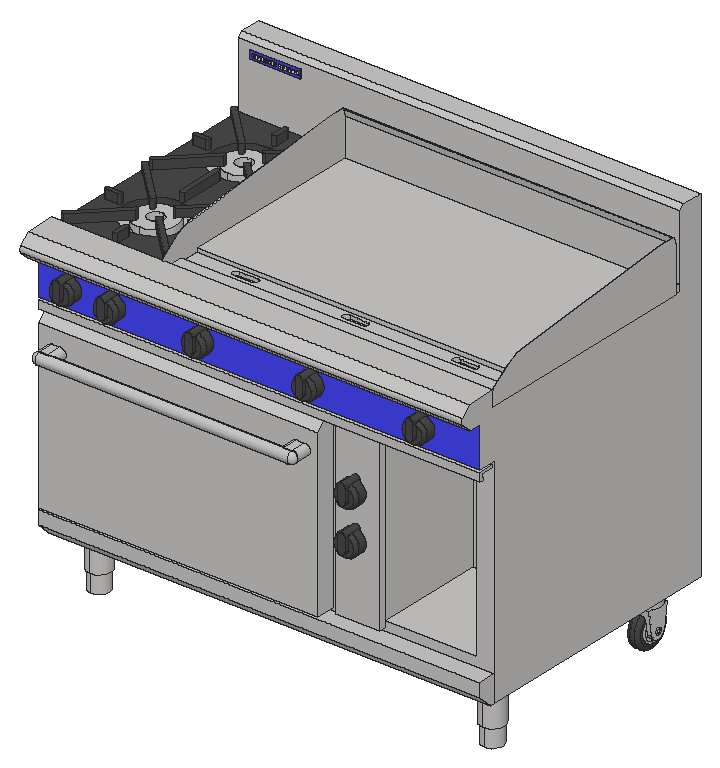
Revit family "QF_MOFFAT_BLUESEAL_CE_GE508A", category Specialty Equipment, Revit 2012 (continued)
Automatic sketch dimensions
  Split face 4 sketch curve to Split face 4 sketch curve = 7 mm  (x3)
  Extrusion 24 sketch curve to plane 17 = 99.75 mm
  Extrusion 24 sketch curve to Extrusion 24 sketch curve = 12.357 mm
  Extrusion 24 sketch curve to Extrusion 24 sketch curve = 19.393 mm  (x2)
  level to Extrusion 24 sketch curve = 45.111 mm
  Extrusion 24 sketch curve to plane 17 = 36.25 mm
  Extrusion 24 sketch curve to Extrusion 24 sketch curve = 4.889 mm
  Extrusion 24 sketch curve to Extrusion 24 sketch curve = 64.889 mm
  Revolve 25 sketch curve to plane 17 = 103.75 mm
  Revolve 25 sketch curve to plane 17 = 68 mm
  Revolve 25 sketch curve to Revolve 25 sketch curve = 35.75 mm
  Revolve 25 sketch curve to level = 55 mm
  level to Revolve 25 sketch curve = 50 mm
  Revolve 25 sketch curve to Revolve 25 sketch curve = 60 mm
  Revolve 25 sketch curve to Revolve 25 sketch curve = 40 mm
  Revolve 26 sketch curve to plane 17 = 103.75 mm
  Revolve 26 sketch curve to plane 17 = 68 mm
  Revolve 26 sketch curve to Revolve 26 sketch curve = 35.75 mm
  level to Revolve 26 sketch curve = 150 mm
  Revolve 26 sketch curve to Revolve 26 sketch curve = 40 mm
  level to Revolve 26 sketch curve = 50 mm
  Revolve 26 sketch curve to level = 55 mm
  Revolve 27 sketch curve to plane 16 = 34.382 mm
  Revolve 27 sketch curve to Revolve 27 sketch curve = 1.27 mm  (x4)
  Revolve 27 sketch curve to Revolve 27 sketch curve = 1.524 mm  (x2)
  Revolve 27 sketch curve to Revolve 27 sketch curve = 12.146 mm  (x2)
  Revolve 27 sketch curve to plane 16 = 16.68 mm
  Revolve 27 sketch curve to Revolve 27 sketch curve = 0.794 mm  (x2)
  Revolve 27 sketch curve to Revolve 27 sketch curve = 3.57 mm
  Revolve 27 sketch curve to Revolve 27 sketch curve = 2.143 mm
  Revolve 27 sketch curve to plane 16 = 6.361 mm
  plane 16 to Revolve 27 sketch curve = 5.13 mm
  plane 16 to Revolve 27 sketch curve = 6.339 mm
  plane 16 to Revolve 27 sketch curve = 14.515 mm
  Revolve 27 sketch curve to Revolve 27 sketch curve = 1.349 mm  (x2)
  Revolve 27 sketch curve to Revolve 27 sketch curve = 3.556 mm
  Revolve 27 sketch curve to plane 4 "RIGHT" = 2.18 mm
  level to Revolve 27 sketch curve = 50.8 mm
  Revolve 27 sketch curve to Revolve 27 sketch curve = 0 mm
  Revolve 27 sketch curve to Revolve 27 sketch curve = 3.505 mm  (x2)
  Revolve 27 sketch curve to Revolve 27 sketch curve = 3.447 mm  (x2)
  Revolve 27 sketch curve to Revolve 27 sketch curve = 9.964 mm
  Revolve 27 sketch curve to Revolve 27 sketch curve = 10.045 mm
  Revolve 27 sketch curve to Revolve 27 sketch curve = 2.053 mm
  Revolve 27 sketch curve to Revolve 27 sketch curve = 2.061 mm
  Revolve 27 sketch curve to Revolve 27 sketch curve = 8.247 mm
  Revolve 27 sketch curve to Revolve 27 sketch curve = 8.336 mm
  Revolve 27 sketch curve to Revolve 27 sketch curve = 6.35 mm  (x2)
  Extrusion 28 sketch curve to plane 17 = 99.75 mm
  Extrusion 28 sketch curve to Extrusion 28 sketch curve = 12.357 mm
  Extrusion 28 sketch curve to Extrusion 28 sketch curve = 19.393 mm  (x2)
  level to Extrusion 28 sketch curve = 45.111 mm
  Extrusion 28 sketch curve to plane 17 = 36.25 mm
  Extrusion 28 sketch curve to Extrusion 28 sketch curve = 4.889 mm
  Extrusion 28 sketch curve to Extrusion 28 sketch curve = 64.889 mm
  Revolve 29 sketch curve to level = 0 mm
  Revolve 29 sketch curve to plane 17 = 99.75 mm
  Revolve 29 sketch curve to Revolve 29 sketch curve = 4.25 mm
  Revolve 29 sketch curve to Revolve 29 sketch curve = 27.5 mm  (x2)
  Revolve 29 sketch curve to level = 55 mm
  Revolve 29 sketch curve to Revolve 29 sketch curve = 50 mm
  Revolve 29 sketch curve to Revolve 29 sketch curve = 0 mm
  Revolve 29 sketch curve to Revolve 29 sketch curve = 100 mm
  Revolve 30 sketch curve to level = 0 mm
  Revolve 30 sketch curve to plane 17 = 99.75 mm
  Revolve 30 sketch curve to Revolve 30 sketch curve = 4.25 mm
  Revolve 30 sketch curve to Revolve 30 sketch curve = 27.5 mm  (x2)
  level to Revolve 30 sketch curve = 50 mm
  Revolve 30 sketch curve to Revolve 30 sketch curve = 0 mm
  Revolve 30 sketch curve to Revolve 30 sketch curve = 100 mm
  Revolve 30 sketch curve to Revolve 30 sketch curve = 55 mm
  plane 14 to Revolve 31 sketch curve = 25.382 mm
  Revolve 31 sketch curve to Revolve 31 sketch curve = 1.27 mm  (x4)
  Revolve 31 sketch curve to Revolve 31 sketch curve = 1.524 mm  (x2)
  plane 14 to Revolve 31 sketch curve = 10.442 mm
  plane 14 to Revolve 31 sketch curve = 7.68 mm
  Revolve 31 sketch curve to Revolve 31 sketch curve = 0.794 mm  (x2)
  Revolve 31 sketch curve to Revolve 31 sketch curve = 3.57 mm
  Revolve 31 sketch curve to Revolve 31 sketch curve = 2.143 mm
  Revolve 31 sketch curve to plane 14 = 2.639 mm
  Revolve 31 sketch curve to plane 11 = 0.13 mm
  Revolve 31 sketch curve to plane 11 = 1.339 mm
  Revolve 31 sketch curve to plane 11 = 9.515 mm
  Revolve 31 sketch curve to Revolve 31 sketch curve = 1.349 mm  (x2)
  Revolve 31 sketch curve to Revolve 31 sketch curve = 3.556 mm
  Revolve 31 sketch curve to Revolve 31 sketch curve = 12.146 mm
  Revolve 31 sketch curve to plane 3 "LEFT" = 2.68 mm
  level to Revolve 31 sketch curve = 101.6 mm
  Revolve 31 sketch curve to Revolve 31 sketch curve = 6.35 mm  (x4)
  Revolve 31 sketch curve to Revolve 31 sketch curve = 8.247 mm
  Revolve 31 sketch curve to Revolve 31 sketch curve = 8.336 mm
  Revolve 31 sketch curve to Revolve 31 sketch curve = 2.061 mm
  Revolve 31 sketch curve to Revolve 31 sketch curve = 2.053 mm
  Revolve 31 sketch curve to Revolve 31 sketch curve = 10.045 mm
  Revolve 31 sketch curve to Revolve 31 sketch curve = 9.964 mm
  Revolve 31 sketch curve to Revolve 31 sketch curve = 3.447 mm  (x2)
  Revolve 31 sketch curve to Revolve 31 sketch curve = 3.505 mm
  plane 22 to Revolve 32 sketch curve = 53 mm
  Revolve 32 sketch curve to Revolve 32 sketch curve = 0 mm  (x2)
  Revolve 32 sketch curve to Revolve 32 sketch curve = 11 mm
  Revolve 32 sketch curve to Revolve 32 sketch curve = 12.7 mm
  plane 22 to Revolve 32 sketch curve = 19 mm
  plane 22 to Revolve 32 sketch curve = 9 mm
  Revolve 32 sketch curve to plane 18 = 224.368 mm
  Revolve 32 sketch curve to Revolve 32 sketch curve = 5 mm
  Revolve 32 sketch curve to Revolve 32 sketch curve = 26.651 mm
  Revolve 32 sketch curve to Revolve 32 sketch curve = 5.849 mm
  Extrusion 33 sketch curve to Extrusion 33 sketch curve = 10 mm
  Extrusion 33 sketch curve to plane 18 = 232.368 mm
  Extrusion 33 sketch curve to Extrusion 33 sketch curve = 35 mm
  Revolve 34 sketch curve to plane 5 "FRONT" = 19 mm
  Revolve 34 sketch curve to Revolve 34 sketch curve = 0 mm  (x2)
  Revolve 34 sketch curve to Revolve 34 sketch curve = 11 mm
  Revolve 34 sketch curve to Revolve 34 sketch curve = 12.7 mm
  Revolve 34 sketch curve to Revolve 34 sketch curve = 23 mm
  Revolve 34 sketch curve to Revolve 34 sketch curve = 10 mm
  Revolve 34 sketch curve to plane 6 "TOP" = 140.618 mm
  Revolve 34 sketch curve to Revolve 34 sketch curve = 5.849 mm
  Revolve 34 sketch curve to Revolve 34 sketch curve = 27.5 mm
  Revolve 34 sketch curve to Revolve 34 sketch curve = 5 mm
  Extrusion 35 sketch curve to plane 6 "TOP" = 146.118 mm
  Extrusion 35 sketch curve to Extrusion 35 sketch curve = 35 mm
  Revolve 36 sketch curve to plane 5 "FRONT" = 19 mm
  Revolve 36 sketch curve to Revolve 36 sketch curve = 0 mm  (x2)
  Revolve 36 sketch curve to Revolve 36 sketch curve = 11 mm
  Revolve 36 sketch curve to Revolve 36 sketch curve = 12.7 mm
  Revolve 36 sketch curve to Revolve 36 sketch curve = 23 mm
  Revolve 36 sketch curve to Revolve 36 sketch curve = 10 mm
  Revolve 36 sketch curve to plane 6 "TOP" = 140.618 mm
  Revolve 36 sketch curve to Revolve 36 sketch curve = 5.849 mm
  Revolve 36 sketch curve to Revolve 36 sketch curve = 27.5 mm
  Revolve 36 sketch curve to Revolve 36 sketch curve = 5 mm
  Extrusion 37 sketch curve to plane 6 "TOP" = 146.118 mm
  Extrusion 37 sketch curve to Extrusion 37 sketch curve = 35 mm
  Extrusion 6 sketch curve to plane 16 = 64.5 mm
  Extrusion 19 sketch curve to Extrusion 19 sketch curve = 81 mm
  Extrusion 19 sketch curve to Extrusion 19 sketch curve = 48.5 mm
  Extrusion 37 sketch curve to plane 16 = 74.874 mm
  Extrusion 37 sketch curve to Extrusion 37 sketch curve = 10 mm
  plane 7 "Center Y" to curve 11 = 118.108 mm
  curve 10 to curve 11 = 25.191 mm
  plane 7 "Center Y" to curve 32 = 160 mm
  curve 57 to curve 53 = 223.917 mm
  Extrusion 7 sketch curve to plane 16 = 234.5 mm
  plane 7 "Center Y" to Extrusion 17 sketch curve = 227.344 mm
  plane 7 "Center Y" to Extrusion 20 sketch curve = 102.757 mm
  plane 7 "Center Y" to Revolve 21 sketch curve = 123.039 mm
  plane 7 "Center Y" to Extrusion 33 sketch curve = 227.344 mm
  plane 7 "Center Y" to Extrusion 35 sketch curve = 159.739 mm
  Extrusion 35 sketch curve to Extrusion 35 sketch curve = 10 mm
  Extrusion 15 sketch curve to plane 7 "Center Y" = 140.148 mm
  Extrusion 15 sketch curve to Extrusion 15 sketch curve = 10 mm
  radius of Extrusion 6 sketch curve = 10 mm
  radius of Extrusion 8 sketch curve = 85 mm  (x2)
  radius of Extrusion 22 sketch curve = 57 mm  (x2)
  radius of Extrusion 22 sketch curve = 22 mm  (x2)
  radius of Extrusion 23 sketch curve = 6.35 mm
Nested families
  nested 1: "WALDORF LOGO_FACE BASE" at (32, -70, 1056.385) x (1, 0, 0) z (0, -1, 0), visible <- "Show Logo", type "WALDORF LOGO_FACE BASE", detail levels medium+fine
    with Show Logo yes
  nested 2: "GAS GRIDDLE PLATE 900" at (300.232, -85, 874.5), type "GAS GRIDDLE PLATE 900"
    with Width 900 mm, Type Mark "", Status "", Specification by User "", Revision Code "", Item Number "", Installed By "", Identify Quantity as Lot yes, Furnished By "", Foodservice Equipment Identifier yes, Depth 620 mm
Connectors
  piping at (1070, -32, 655)
    settings: on Extrusion 6, index 4, connector radius 0.37402", flow factor 0, pipe flow 0 GPM, pressure drop 0.00 psi, fitting loss kfactor 0, connector angle 0.00°, fixture units 0, engagement length 0 mm, flow configuration 1, flow direction 1, fitting loss method 0, system type 7, joint type 0, gender type 0, connector reference index -1, connector utility 0, adjustable connector no, is connector primary yes, fitting loss table "", connector description "GAS CONNECTION"
  electrical at (826, -501, 148.072), driven by "Volts", driven by "Watts"
    settings: on Extrusion 23, index 5, voltage 400 V, apparent load 6500 VA, apparent load phase1 0 VA, apparent load phase2 0 VA, apparent load phase3 0 VA, power factor 1, load classification "Other", number of poles 1, system type 30, power factor state 1, is connector primary yes, connector utility no, sub classification motor no, connector description "ELECTRICAL CONNECTION"
Definition of nested family "WALDORF LOGO_FACE BASE"
  Parameters (values of type "WALDORF LOGO_FACE BASE")
    Show Logo [instance] = yes
    Default Elevation = 1219.2 mm
  Reference planes
    plane 1 "Center (Front/Back)": y = 0
    plane 2: z = 0
    plane 3 "Center (Left/Right)": x = 0
  Forms (mm)
    Extrusion 1, solid
      sketch origin (0, 0, 0) x (1, 0, 0) y (0, 1, 0)
        loop
          line (-1219.2, 1219.2) -> (-1219.2, -1219.2) -> (1219.2, -1219.2) -> (1219.2, 1219.2) -> (-1219.2, 1219.2)
      from 0 to -304.8
    Extrusion 2, solid, material "QF_Finishes_Blue", visible <- "Show Logo"
      sketch origin (0, -33.217, 0) x (1, 0, 0) y (0, 1, 0)
        loop
          arc (138, 31.942) -> (137.626, 32.844) -> (136.724, 33.217) r 1.276
          line (136.724, 33.217) -> (1.29, 33.217)
          arc (1.29, 33.217) -> (0.378, 32.839) -> (0, 31.927) r 1.29
          line (0, 31.927) -> (0, 11.507)
          arc (0, 11.507) -> (0.378, 10.595) -> (1.29, 10.217) r 1.29
          line (1.29, 10.217) -> (136.71, 10.217)
          arc (136.71, 10.217) -> (137.622, 10.595) -> (138, 11.507) r 1.29
          line (138, 11.507) -> (138, 31.942)
      from 0 to 1.588
    Extrusion 3, solid, material "QF_Finishes_White", visible <- "Show Logo"
      sketch origin (0, -33.217, 1.588) x (1, 0, 0) y (0, 1, 0)
        loop
          arc (108.946, 25.919) -> (107.613, 25.367) -> (107.061, 24.034) r 1.885
          line (107.061, 24.034) -> (107.061, 17.211) -> (112.704, 17.211) -> (112.704, 19.129) -> (115.546, 19.129) -> (115.546, 17.211) -> (121.584, 17.211) -> (121.584, 24.075)
          arc (121.584, 24.075) -> (121.043, 25.379) -> (119.739, 25.919) r 1.845
          line (119.739, 25.919) -> (108.946, 25.919)
        loop
          line (123.478, 25.919) -> (123.478, 17.163) -> (134.904, 17.163) -> (134.904, 19.129) -> (129.246, 19.129) -> (129.246, 25.919) -> (123.478, 25.919)
        loop
          line (112.704, 21.258) -> (115.546, 21.258) -> (115.546, 22.702)
          arc (115.546, 22.702) -> (115.344, 23.188) -> (114.858, 23.389) r 0.687
          line (114.858, 23.389) -> (113.363, 23.389)
          arc (113.363, 23.389) -> (112.897, 23.196) -> (112.704, 22.73) r 0.658
          line (112.704, 22.73) -> (112.704, 21.258)
        loop
          line (105.071, 25.919) -> (93.771, 25.919) -> (93.771, 17.163) -> (105.071, 17.163) -> (105.071, 19.063) -> (99.535, 19.063) -> (99.535, 20.437) -> (105.071, 20.437) -> (105.071, 22.278) -> (99.535, 22.278) -> (99.535, 23.587) -> (105.071, 23.587) -> (105.071, 25.919)
        loop
          line (91.104, 25.919) -> (79.541, 25.919)
          arc (79.541, 25.919) -> (78.558, 25.513) -> (78.152, 24.53) r 1.389
          line (78.152, 24.53) -> (78.152, 22.08)
          arc (78.152, 22.08) -> (78.558, 21.098) -> (79.541, 20.691) r 1.389
          line (79.541, 20.691) -> (86.346, 20.691) -> (86.346, 18.864) -> (83.266, 18.864) -> (83.266, 19.664) -> (78.152, 19.664) -> (78.152, 18.553)
          arc (78.152, 18.553) -> (78.558, 17.57) -> (79.541, 17.163) r 1.389
          line (79.541, 17.163) -> (91.063, 17.163)
          arc (91.063, 17.163) -> (92.045, 17.57) -> (92.452, 18.553) r 1.389
          line (92.452, 18.553) -> (92.452, 20.691)
          arc (92.452, 20.691) -> (92.045, 21.673) -> (91.063, 22.08) r 1.389
          line (91.063, 22.08) -> (83.266, 22.08) -> (83.266, 23.984) -> (86.346, 23.984) -> (86.346, 22.743) -> (92.452, 22.743) -> (92.452, 24.571)
          arc (92.452, 24.571) -> (92.057, 25.524) -> (91.104, 25.919) r 1.348
        loop
          line (70.705, 25.919) -> (59.405, 25.919) -> (59.405, 17.163) -> (70.705, 17.163) -> (70.705, 19.063) -> (65.169, 19.063) -> (65.169, 20.437) -> (70.705, 20.437) -> (70.705, 22.278) -> (65.169, 22.278) -> (65.169, 23.587) -> (70.705, 23.587) -> (70.705, 25.919)
        loop
          line (57.598, 25.919) -> (51.7, 25.919) -> (51.7, 20.18)
          arc (51.7, 20.18) -> (50.63, 19.11) -> (49.56, 20.18) r 1.07
          line (49.56, 20.18) -> (49.56, 25.919) -> (43.663, 25.919) -> (43.663, 19.049)
          arc (43.663, 19.049) -> (44.215, 17.716) -> (45.548, 17.163) r 1.885
          line (45.548, 17.163) -> (55.71, 17.163)
          arc (55.71, 17.163) -> (57.045, 17.716) -> (57.598, 19.051) r 1.887
          line (57.598, 19.051) -> (57.598, 25.919)
        loop
          line (31.62, 25.919) -> (31.62, 17.163) -> (43.046, 17.163) -> (43.046, 19.129) -> (37.388, 19.129) -> (37.388, 25.919) -> (31.62, 25.919)
        loop
          line (15.969, 25.919) -> (15.969, 17.163) -> (28.693, 17.163)
          arc (28.693, 17.163) -> (29.812, 17.627) -> (30.276, 18.746) r 1.582
          line (30.276, 18.746) -> (30.276, 20.447) -> (29.48, 21.243) -> (30.276, 22.039) -> (30.276, 24.332)
          arc (30.276, 24.332) -> (29.811, 25.454) -> (28.688, 25.919) r 1.587
          line (28.688, 25.919) -> (15.969, 25.919)
        loop
          line (21.449, 24.159) -> (21.449, 22.436) -> (23.862, 22.436)
          arc (23.862, 22.436) -> (24.723, 23.298) -> (23.862, 24.159) r 0.861
          line (23.862, 24.159) -> (21.449, 24.159)
        loop
          line (21.449, 20.244) -> (21.449, 18.522) -> (23.862, 18.522)
          arc (23.862, 18.522) -> (24.723, 19.383) -> (23.862, 20.244) r 0.861
          line (23.862, 20.244) -> (21.449, 20.244)
      from 0 to 0.2
    Extrusion 4, solid, material "QF_Finishes_Blue", visible <- "Show Logo"
      sketch origin (-126.498, -31.09, 1.588) x (1, 0, 0) y (0, 1, 0)
        loop
          line (136.738, 23.522) -> (136.738, 15.1)
          arc (136.738, 15.1) -> (140.756, 19.311) -> (136.738, 23.522) r 4.216
      from 0 to 0.2
    Extrusion 5, solid, material "QF_Finishes_Red", visible <- "Show Logo"
      sketch origin (146.849, -31.09, 1.588) x (-1, 0, 0) y (0, -1, 0)
        loop
          arc (136.738, -23.522) -> (140.756, -19.311) -> (136.738, -15.1) r 4.216
          line (136.738, -15.1) -> (136.738, -23.522)
      from 0 to 0.2
  Lines and regions (mm)
    Split face 1
      outline origin (-90.35, -30.793, 1.588) x (1, 0, 0) y (0, 1, 0)
        loop
          circle (100.54, 19.013) r 4.536
  Dimensions and locks
    aligned and locked: plane 2 to Extrusion 1
    aligned and locked: level to Extrusion 1
Definition of nested family "GAS GRIDDLE PLATE 900"
  Parameters (values of type "GAS GRIDDLE PLATE 900")
    Width [instance] = 900 mm
    Weight in Pounds = 0
    URL Cutsheet = ""
    Type Mark [instance] = ""
    Status [instance] = ""
    Specification by User [instance] = ""
    Specification by Manufacturer = ""
    Serial Number = ""
    Seismic Rating = ""
    SMACNA No = ""
    Revision Code [instance] = ""
    Omniclass Number and Title = ""
    NAFEM Spec ID Number = ""
    Masterspec = ""
    Item Number [instance] = ""
    Installed By [instance] = ""
    Identify Quantity as Lot [instance] = yes
    Furnished By [instance] = ""
    Foodservice Equipment Identifier [instance] = yes
    Depth [instance] = 620 mm
    CSI MasterFormat = ""
    CSI Master Format = ""
  Reference planes
    plane 1 "BACK": y = 0
    plane 2: z = 0
    plane 3 "LEFT": x = 0
    plane 4 "RIGHT": x = 900
    plane 5 "FRONT": y = -620
    plane 6 "TOP": z = 142.5
    plane 7 "Center Y": x = 450
    plane 8 "Center X": y = -310
    plane 9: y = -530.997
    plane 10: y = -541.497
    plane 11: y = -503.25
    plane 12: y = -557.737
  Forms (mm)
    Extrusion 1, solid, material "QF_Finishes_Stainless Steel"
      sketch origin (0, 70.003, -874.5) x (0, 1, 0) y (0, 0, 1)
        loop
          line (-70, 875) -> (-70, 997.489) -> (-75.228, 1017) -> (-117.24, 1017) -> (-589.533, 971.523)
          arc (-589.533, 971.523) -> (-614.56, 965.803) -> (-637.306, 953.899) r 100
          line (-637.306, 953.899) -> (-690.003, 917) -> (-690.003, 875) -> (-70, 875)
      from 0 to 1.8
    Extrusion 2, solid, material "QF_Finishes_Stainless Steel"
      sketch origin (600, 70.003, -874.5) x (0, -1, 0) y (0, 0, 1)
        loop
          line (70, 875) -> (690.003, 875) -> (690.003, 917) -> (637.306, 953.899)
          arc (637.306, 953.899) -> (614.56, 965.803) -> (589.533, 971.523) r 100
          line (589.533, 971.523) -> (117.24, 1017) -> (75.228, 1017) -> (70, 997.489) -> (70, 875)
      from -300 to -298.8
    Extrusion 3, solid, material "QF_Finishes_Stainless Steel"
      sketch origin (150, 70.003, -874.5) x (0, 1, 0) y (0, 0, 1)
        loop
          line (-55, 895) -> (-573.253, 895) -> (-573.253, 884.5) -> (-627.74, 884.5) -> (-627.74, 895) -> (-690.003, 895) -> (-690.003, 875) -> (-55, 875) -> (-55, 895)
      from -148.2 to 748.8
    Extrusion 4, void
      sketch origin (0.113, -541.497, 10) x (0, -1, 0) y (1, 0, 0)
        loop
          arc (-7.497, 175) -> (-17.497, 185) -> (-27.497, 175) r 10
          line (-27.497, 175) -> (-27.497, 125)
          arc (-27.497, 125) -> (-17.497, 115) -> (-7.497, 125) r 10
          line (-7.497, 125) -> (-7.497, 175)
        loop
          line (-7.497, 424.887) -> (-7.497, 474.887)
          arc (-7.497, 474.887) -> (-17.497, 484.887) -> (-27.497, 474.887) r 10
          line (-27.497, 474.887) -> (-27.497, 424.887)
          arc (-27.497, 424.887) -> (-17.497, 414.887) -> (-7.497, 424.887) r 10
        loop
          line (-7.497, 724.774) -> (-7.497, 774.774)
          arc (-7.497, 774.774) -> (-17.497, 784.774) -> (-27.497, 774.774) r 10
          line (-27.497, 774.774) -> (-27.497, 724.774)
          arc (-27.497, 724.774) -> (-17.497, 714.774) -> (-7.497, 724.774) r 10
      from -41.4 to 40.142
    Extrusion 5, solid, material "QF_Finishes_Stainless Steel"
      sketch origin (0, 70.003, -874.5) x (0, 1, 0) y (0, 0, 1)
        loop
          line (-70, 875) -> (-70, 997.489) -> (-75.228, 1017) -> (-76.884, 1017) -> (-71.6, 997.278) -> (-71.6, 875) -> (-70, 875)
      from 0 to 898.8
  Cuts and joins
    Extrusion 4 cuts Extrusion 3
    joined: Extrusion 1, Extrusion 2, Extrusion 3, Extrusion 5
  Lines and regions (mm)
    symbolic lines
      curve 1: line (900, -503.25, 0) -> (0, -503.25, 0)
      curve 2: line (0, -557.737, 0) -> (900, -557.737, 0)
      curve 3: line (0, -1.68, 0) -> (900, -1.68, 0)
      curve 4: line (900, -1.68, 0) -> (900, -620, 0)
      curve 5: line (0, -620, 0) -> (0, -1.68, 0)
      curve 6: line (0, -620, 0) -> (900, -620, 0)
      curve 7: arc (175.113, -534, 0) -> (185.113, -524, 0) -> (175.113, -514, 0) r 10
      curve 8: line (175.113, -514, 0) -> (125.113, -514, 0)
      curve 9: arc (125.113, -514, 0) -> (115.113, -524, 0) -> (125.113, -534, 0) r 10
      curve 10: line (125.113, -534, 0) -> (175.113, -534, 0)
      curve 11: arc (425, -534, 0) -> (415, -524, 0) -> (425, -514, 0) r 10
      curve 12: line (425, -514, 0) -> (475, -514, 0)
      curve 13: arc (475, -514, 0) -> (485, -524, 0) -> (475, -534, 0) r 10
      curve 14: line (475, -534, 0) -> (425, -534, 0)
      curve 15: arc (724.887, -534, 0) -> (714.887, -524, 0) -> (724.887, -514, 0) r 10
      curve 16: line (724.887, -514, 0) -> (774.887, -514, 0)
      curve 17: arc (774.887, -514, 0) -> (784.887, -524, 0) -> (774.887, -534, 0) r 10
      curve 18: line (774.887, -534, 0) -> (724.887, -534, 0)
  Dimensions and locks
    equal spacing: plane 3 "LEFT", plane 7 "Center Y", plane 4 "RIGHT"
    "Width": plane 3 "LEFT" to plane 4 "RIGHT"
    equal spacing: plane 5 "FRONT", plane 8 "Center X", plane 1 "BACK"
    "Depth": plane 5 "FRONT" to plane 1 "BACK"
    locked: Extrusion 2 to Extrusion 2 at 1.2
    aligned and locked: level to plane 2
    aligned and locked: Extrusion 2 to plane 4 "RIGHT"
    aligned and locked: curve 1 to plane 11
    aligned and locked: plane 12 to curve 2
    aligned and locked: Extrusion 5 to cut or joined group of Extrusion 1, Extrusion 2, Extrusion 3, Extrusion 4, Extrusion 5
  Automatic sketch dimensions
    Extrusion 1 sketch curve to plane 5 "FRONT" = 0 mm
    Extrusion 1 sketch curve to plane 6 "TOP" = 0 mm
    plane 12 to Extrusion 1 sketch curve = 9.566 mm
    plane 11 to Extrusion 1 sketch curve = 16.28 mm
    Extrusion 1 sketch curve to level = 2.516 mm
    plane 11 to Extrusion 1 sketch curve = 6.695 mm
    plane 1 "BACK" to Extrusion 1 sketch curve = 47.237 mm
    plane 1 "BACK" to Extrusion 1 sketch curve = 5.225 mm
    Extrusion 1 sketch curve to plane 1 "BACK" = 0.003 mm
    level to Extrusion 1 sketch curve = 0.5 mm
    Extrusion 1 sketch curve to Extrusion 1 sketch curve = 42 mm
    Extrusion 1 sketch curve to plane 6 "TOP" = 63.101 mm
    Extrusion 1 sketch curve to plane 6 "TOP" = 19.511 mm
    Extrusion 2 sketch curve to plane 6 "TOP" = 0 mm
    Extrusion 2 sketch curve to plane 5 "FRONT" = 0 mm
    plane 12 to Extrusion 2 sketch curve = 9.566 mm
    plane 11 to Extrusion 2 sketch curve = 16.28 mm
    Extrusion 2 sketch curve to level = 2.516 mm
    plane 11 to Extrusion 2 sketch curve = 6.695 mm
    plane 1 "BACK" to Extrusion 2 sketch curve = 47.237 mm
    plane 1 "BACK" to Extrusion 2 sketch curve = 5.225 mm
    Extrusion 2 sketch curve to plane 1 "BACK" = 0.003 mm
    level to Extrusion 2 sketch curve = 0.5 mm
    Extrusion 2 sketch curve to Extrusion 2 sketch curve = 42 mm
    Extrusion 2 sketch curve to plane 6 "TOP" = 63.101 mm
    Extrusion 2 sketch curve to plane 6 "TOP" = 19.511 mm
    Extrusion 3 sketch curve to plane 5 "FRONT" = 0 mm
    Extrusion 3 sketch curve to plane 12 = 0 mm
    Extrusion 3 sketch curve to plane 11 = 0 mm
    Extrusion 3 sketch curve to plane 1 "BACK" = 15.003 mm
    level to Extrusion 3 sketch curve = 0.5 mm
    level to Extrusion 3 sketch curve = 10 mm
    Extrusion 3 sketch curve to Extrusion 3 sketch curve = 10.5 mm  (x2)
    plane 1 "BACK" to Extrusion 5 sketch curve = 5.225 mm
    Extrusion 5 sketch curve to plane 1 "BACK" = 0.003 mm
    Extrusion 5 sketch curve to plane 6 "TOP" = 19.511 mm
    Extrusion 5 sketch curve to Extrusion 5 sketch curve = 1.6 mm
    Extrusion 5 sketch curve to Extrusion 5 sketch curve = 0.211 mm
    Extrusion 5 sketch curve to plane 6 "TOP" = 0 mm
    Extrusion 5 sketch curve to Extrusion 5 sketch curve = 1.656 mm
    level to Extrusion 5 sketch curve = 0.5 mm
    curve 6 to plane 3 "LEFT" = 0 mm
    curve 3 to plane 4 "RIGHT" = 0 mm
    plane 5 "FRONT" to curve 6 = 0 mm
    plane 11 to curve 9 = 20.75 mm
    plane 3 "LEFT" to curve 9 = 125.113 mm
    curve 10 to plane 12 = 23.737 mm
    curve 9 to curve 10 = 50 mm
    curve 14 to plane 7 "Center Y" = 25 mm
    plane 11 to curve 12 = 10.75 mm
    plane 7 "Center Y" to curve 12 = 25 mm
    curve 15 to plane 12 = 23.737 mm
    plane 4 "RIGHT" to curve 15 = 175.113 mm
    plane 11 to curve 16 = 10.75 mm
    curve 16 to curve 16 = 50 mm
    curve 14 to curve 12 = 20 mm
    plane 1 "BACK" to curve 3 = 1.68 mm
    plane 11 to Extrusion 4 sketch curve = 10.75 mm  (x3)
    Extrusion 4 sketch curve to Extrusion 4 sketch curve = 10 mm  (x3)
    plane 3 "LEFT" to Extrusion 4 sketch curve = 125.113 mm
    Extrusion 4 sketch curve to Extrusion 4 sketch curve = 50 mm  (x2)
    Extrusion 4 sketch curve to plane 7 "Center Y" = 25 mm
    plane 7 "Center Y" to Extrusion 4 sketch curve = 25 mm
    plane 4 "RIGHT" to Extrusion 4 sketch curve = 175.113 mm
